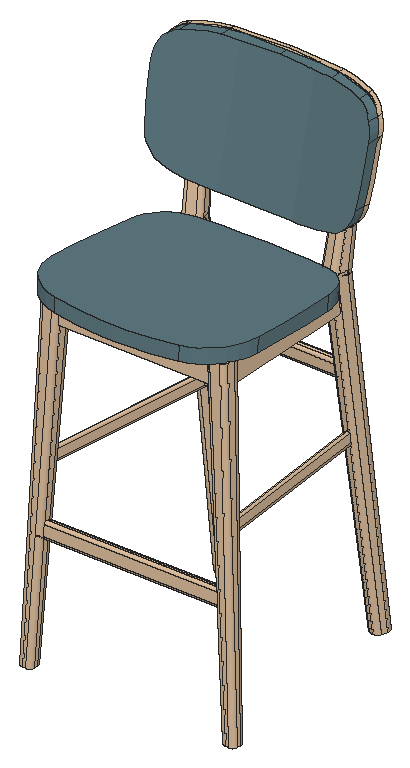
Revit family "FU_Stool_Sandler_Celina 4-13", category Furniture, Revit 2020
Family settings
  OmniClass Number = 23.40.20.00
  OmniClass Title = General Furniture and Specialties
  Work Plane-Based = No
  Always vertical = Yes
  Cut with Voids When Loaded = No
  Shared = No
  Room Calculation Point = No
Parameters (values of type "Celina 4.13")
  Width = 475 mm
  Upholstery = Fabric - Mainline Flax - Pimlico MLF34
  URL = "https://www.sandlerseating.com/product/celina-4-13/"
  Model = "Celina 4.13"
  Manufacturer = "Sandler"
  Height = 1090 mm
  Frame = Wood - Beech - Cherry Wood - V
  Description = "Counter stool with a upholstered seat and back panel. The frame is in solid beech."
  Depth = 550 mm
  Default Elevation = 0 mm
Reference planes
  plane 1 "Center (Front/Back)": y = 0
  plane 2: z = 0
  plane 3 "Center (Left/Right)": x = 0
  plane 4 "Right": x = -237.5
  plane 5 "Left": x = 237.5
  plane 6 "Back": y = 275
  plane 7 "Front": y = -275
  plane 8 "Height": z = 1090
  plane 9 "Seat height": z = 770
  plane 10 "Seat Frame Base": through (4267.2, 159.453, 701.275) normal (0, -0.0523, -0.9986)
  plane 11: through (4267.2, 256.992, 4.174) normal (0, -0.9912, -0.1325)
  plane 12: through (4267.2, 195.782, 966.959) normal (0, 0.9866, -0.1633)
  plane 13 "BRL C FRONT": x = -169.085
  plane 14 "BL H": z = 741.259
  plane 15 "Cross Stretch RIGHT": z = 402.471
Forms (mm)
  Sweep 1, solid, material "Fabric - Mainline Flax - Pimlico MLF34" <- "Upholstery"
    path origin (0, 0, 0) x (0, 1, 0) y (0, 0, 1)
      loop
        line (154.569, 770) -> (234.758, 1108.042)
    profile "Pro_celina_Back_UPH : Pro_celina_Back_UPH" origin (0, 194.663, 939.021) x (0, -0.972998, 0.230812) y (1, 0, 0)
      loop
        arc (43.165, 250) -> (3, 0) -> (43.165, -250) r 798.125
        line (43.165, -250) -> (73.165, -250)
        arc (73.165, -250) -> (33, 0) -> (73.165, 250) r 798.125
        line (73.165, 250) -> (43.165, 250)
  Extrusion 2, void
    sketch origin (0, 0, 0) x (1, 0, 0) y (0, 0, 1)
      loop
        line (0, 1090) -> (-120, 1090)
        arc (-120, 1090) -> (-157.187, 1088.102) -> (-193.987, 1082.427) r 365.188
        arc (-193.987, 1082.427) -> (-214.772, 1073.022) -> (-229.541, 1055.635) r 52.064
        arc (-229.541, 1055.635) -> (-235.86, 1038.434) -> (-237.5, 1020.182) r 70.03
        arc (-237.5, 1020.182) -> (-236.007, 959.471) -> (-231.011, 898.947) r 1050.98
        arc (-231.011, 898.947) -> (-222.49, 872.227) -> (-204.346, 850.843) r 71.485
        arc (-204.346, 850.843) -> (-187.552, 840.272) -> (-168.882, 833.545) r 92.057
        arc (-168.882, 833.545) -> (-132.35, 824.773) -> (-95.021, 820.522) r 307.517
        arc (-95.021, 820.522) -> (-47.524, 818.407) -> (0, 817.032) r 3053.671
        arc (0, 817.032) -> (47.524, 818.407) -> (95.021, 820.522) r 3053.671
        arc (95.021, 820.522) -> (132.35, 824.773) -> (168.882, 833.545) r 307.517
        arc (168.882, 833.545) -> (187.552, 840.272) -> (204.346, 850.843) r 92.057
        arc (204.346, 850.843) -> (222.49, 872.227) -> (231.011, 898.947) r 71.485
        arc (231.011, 898.947) -> (236.007, 959.471) -> (237.5, 1020.182) r 1050.98
        arc (237.5, 1020.182) -> (235.86, 1038.434) -> (229.541, 1055.635) r 70.03
        arc (229.541, 1055.635) -> (214.772, 1073.022) -> (193.987, 1082.427) r 52.064
        arc (193.987, 1082.427) -> (157.187, 1088.102) -> (120, 1090) r 365.188
        line (120, 1090) -> (0, 1090)
      loop
        line (-260, 1133.116) -> (-260, 753.116) -> (260, 753.116) -> (260, 1133.116) -> (-260, 1133.116)
    from -246.089 to -79.753
  Extrusion 3, solid, material "Wood - Beech - Cherry Wood - V" <- "Frame"
    sketch origin (0, 37.088, 707.688) x (0, 0.99863, -0.052336) y (1, 0, 0)
      loop
        line (-206.882, 168.434) -> (113.974, 140.363) -> (116.413, 168.234) -> (-204.444, 196.305) -> (-206.882, 168.434)
    from -7 to 40
  Extrusion 4, solid, material "Wood - Beech - Cherry Wood - V" <- "Frame"
    sketch origin (0, 37.088, 707.688) x (0, 0.99863, -0.052336) y (1, 0, 0)
      loop
        line (-206.882, -168.434) -> (-204.444, -196.305) -> (116.413, -168.234) -> (113.974, -140.363) -> (-206.882, -168.434)
    from -7 to 40
  Extrusion 5, solid, material "Wood - Beech - Cherry Wood - V" <- "Frame"
    sketch origin (0, 0, 0) x (1, 0, 0) y (0, 0, 1)
      loop
        spline (0, 722.98) -> (-13.573, 723.047) -> (-27.153, 723.18) -> (-40.733, 723.381) -> (-54.308, 723.648) -> (-67.871, 723.981) -> (-81.416, 724.382) -> (-94.937, 724.848) -> (-108.428, 725.381) -> (-121.883, 725.979) -> (-135.296, 726.643) -> (-148.659, 727.372) -> (-161.969, 728.166)
        line (-161.969, 728.166) -> (-164.929, 677.955) -> (164.929, 677.955) -> (161.969, 728.156)
        spline (161.969, 728.156) -> (148.66, 727.367) -> (135.296, 726.643) -> (121.883, 725.982) -> (108.429, 725.387) -> (94.937, 724.856) -> (81.416, 724.391) -> (67.871, 723.991) -> (54.308, 723.657) -> (40.733, 723.389) -> (27.152, 723.187) -> (13.573, 723.05) -> (0, 722.98)
    from 173.5 to 201.5
  Blend 6, solid, material "Wood - Beech - Cherry Wood - V" <- "Frame"
    base sketch origin (0, 0, 0) x (1, 0, 0) y (0, 1, 0)
      loop
        arc (-224.698, -192.341) -> (-232.122, -195.416) -> (-235.198, -202.841) r 10.5
        line (-235.198, -202.841) -> (-235.198, -210.841)
        arc (-235.198, -210.841) -> (-232.122, -218.265) -> (-224.698, -221.341) r 10.5
        line (-224.698, -221.341) -> (-216.698, -221.341)
        arc (-216.698, -221.341) -> (-209.273, -218.265) -> (-206.198, -210.841) r 10.5
        line (-206.198, -210.841) -> (-206.198, -202.841)
        arc (-206.198, -202.841) -> (-209.273, -195.416) -> (-216.698, -192.341) r 10.5
        line (-216.698, -192.341) -> (-224.698, -192.341)
    top sketch origin (0, 0, 0) x (1, 0, 0) y (0, 1, 0)
      loop
        arc (-190.863, -165.163) -> (-197.934, -168.092) -> (-200.863, -175.163) r 10
        line (-200.863, -175.163) -> (-200.863, -195.903)
        arc (-200.863, -195.903) -> (-197.934, -202.974) -> (-190.863, -205.903) r 10
        line (-190.863, -205.903) -> (-170.215, -205.903)
        arc (-170.215, -205.903) -> (-163.144, -202.974) -> (-160.215, -195.903) r 10
        line (-160.215, -195.903) -> (-160.215, -175.163)
        arc (-160.215, -175.163) -> (-163.144, -168.092) -> (-170.215, -165.163) r 10
        line (-170.215, -165.163) -> (-190.863, -165.163)
    from 0 to 728.156
  Blend 7, solid, material "Wood - Beech - Cherry Wood - V" <- "Frame"
    base sketch origin (0, 0, 0) x (-1, 0, 0) y (0, -1, 0)
      loop
        line (-224.698, 192.341) -> (-216.698, 192.341)
        arc (-216.698, 192.341) -> (-209.273, 195.416) -> (-206.198, 202.841) r 10.5
        line (-206.198, 202.841) -> (-206.198, 210.841)
        arc (-206.198, 210.841) -> (-209.273, 218.265) -> (-216.698, 221.341) r 10.5
        line (-216.698, 221.341) -> (-224.698, 221.341)
        arc (-224.698, 221.341) -> (-232.122, 218.265) -> (-235.198, 210.841) r 10.5
        line (-235.198, 210.841) -> (-235.198, 202.841)
        arc (-235.198, 202.841) -> (-232.122, 195.416) -> (-224.698, 192.341) r 10.5
    top sketch origin (0, 0, 0) x (-1, 0, 0) y (0, -1, 0)
      loop
        line (-190.863, 165.163) -> (-170.215, 165.163)
        arc (-170.215, 165.163) -> (-163.144, 168.092) -> (-160.215, 175.163) r 10
        line (-160.215, 175.163) -> (-160.215, 195.903)
        arc (-160.215, 195.903) -> (-163.144, 202.974) -> (-170.215, 205.903) r 10
        line (-170.215, 205.903) -> (-190.863, 205.903)
        arc (-190.863, 205.903) -> (-197.934, 202.974) -> (-200.863, 195.903) r 10
        line (-200.863, 195.903) -> (-200.863, 175.163)
        arc (-200.863, 175.163) -> (-197.934, 168.092) -> (-190.863, 165.163) r 10
    from 0 to 728.156
  SweptBlend 8, solid, material "Wood - Beech - Cherry Wood - V" <- "Frame"
    path origin (-169.085, 0, 0) x (0, 0, -1) y (0, -1, 0)
      loop
        line (3.053, -257.958) -> (-743.383, -158.146)
    profile origin (-169.085, 257.958, -3.053) x (0, 0.991178, 0.13254) y (-1, 0, 0)
      loop
        arc (-9.924, 12.667) -> (-16.974, 7.397) -> (-18.232, -1.314) r 11.5
        line (-18.232, -1.314) -> (-16.697, -7.348)
        arc (-16.697, -7.348) -> (-11.427, -14.398) -> (-2.715, -15.656) r 11.5
        line (-2.715, -15.656) -> (8.773, -12.732)
        arc (8.773, -12.732) -> (15.822, -7.462) -> (17.081, 1.249) r 11.5
        line (17.081, 1.249) -> (15.545, 7.283)
        arc (15.545, 7.283) -> (10.275, 14.332) -> (1.564, 15.591) r 11.5
        line (1.564, 15.591) -> (-9.924, 12.667)
    end profile origin (-169.085, 158.146, 743.383) x (0, 0.991178, 0.13254) y (-1, 0, 0)
      loop
        line (4.626, 6.197) -> (-15.096, 0.888)
        arc (-15.096, 0.888) -> (-21.466, -4.012) -> (-22.505, -11.981) r 10.5
        line (-22.505, -11.981) -> (-17.36, -31.092)
        arc (-17.36, -31.092) -> (-12.46, -37.462) -> (-4.491, -38.501) r 10.5
        line (-4.491, -38.501) -> (15.23, -33.192)
        arc (15.23, -33.192) -> (21.6, -28.292) -> (22.639, -20.323) r 10.5
        line (22.639, -20.323) -> (17.494, -1.212)
        arc (17.494, -1.212) -> (12.594, 5.158) -> (4.626, 6.197) r 10.5
  SweptBlend 9, solid, material "Wood - Beech - Cherry Wood - V" <- "Frame"
    path origin (-169.085, 0, 0) x (0, 0, -1) y (0, -1, 0)
      loop
        line (-736.013, -157.561) -> (-975.754, -197.237)
    profile origin (-169.085, 157.561, 736.013) x (0, 0.986581, -0.163275) y (-1, 0, 0)
      loop
        line (5.456, 6.197) -> (-14.265, 0.888)
        arc (-14.265, 0.888) -> (-20.635, -4.012) -> (-21.675, -11.981) r 10.5
        line (-21.675, -11.981) -> (-16.53, -31.092)
        arc (-16.53, -31.092) -> (-11.63, -37.462) -> (-3.661, -38.501) r 10.5
        line (-3.661, -38.501) -> (16.06, -33.192)
        arc (16.06, -33.192) -> (22.43, -28.292) -> (23.47, -20.323) r 10.5
        line (23.47, -20.323) -> (18.325, -1.212)
        arc (18.325, -1.212) -> (13.425, 5.158) -> (5.456, 6.197) r 10.5
    end profile origin (-169.085, 197.237, 975.754) x (0, 0.986581, -0.163275) y (-1, 0, 0)
      loop
        arc (10.443, 5.767) -> (6.259, 11.239) -> (-0.569, 12.149) r 9
        line (-0.569, 12.149) -> (-11.406, 9.265)
        arc (-11.406, 9.265) -> (-16.88, 5.078) -> (-17.791, -1.753) r 9.005
        line (-17.791, -1.753) -> (-13.32, -18.551)
        arc (-13.32, -18.551) -> (-9.135, -24.023) -> (-2.307, -24.933) r 9
        line (-2.307, -24.933) -> (8.534, -22.047)
        arc (8.534, -22.047) -> (14.005, -17.863) -> (14.916, -11.035) r 9
        line (14.916, -11.035) -> (10.443, 5.767)
  SweptBlend 10, solid, material "Wood - Beech - Cherry Wood - V" <- "Frame"
    path origin (169.085, 0, 0) x (0, 0, -1) y (0, 1, 0)
      loop
        line (3.053, 257.958) -> (-743.383, 158.146)
    profile origin (169.085, 257.958, -3.053) x (0, -0.991178, -0.13254) y (1, 0, 0)
      loop
        line (9.924, 12.667) -> (-1.564, 15.591)
        arc (-1.564, 15.591) -> (-10.275, 14.332) -> (-15.545, 7.283) r 11.5
        line (-15.545, 7.283) -> (-17.081, 1.249)
        arc (-17.081, 1.249) -> (-15.822, -7.462) -> (-8.773, -12.732) r 11.5
        line (-8.773, -12.732) -> (2.715, -15.656)
        arc (2.715, -15.656) -> (11.427, -14.398) -> (16.697, -7.348) r 11.5
        line (16.697, -7.348) -> (18.232, -1.314)
        arc (18.232, -1.314) -> (16.974, 7.397) -> (9.924, 12.667) r 11.5
    end profile origin (169.085, 158.146, 743.383) x (0, -0.991178, -0.13254) y (1, 0, 0)
      loop
        arc (-4.626, 6.197) -> (-12.594, 5.158) -> (-17.494, -1.212) r 10.5
        line (-17.494, -1.212) -> (-22.639, -20.323)
        arc (-22.639, -20.323) -> (-21.6, -28.292) -> (-15.23, -33.192) r 10.5
        line (-15.23, -33.192) -> (4.491, -38.501)
        arc (4.491, -38.501) -> (12.46, -37.462) -> (17.36, -31.092) r 10.5
        line (17.36, -31.092) -> (22.505, -11.981)
        arc (22.505, -11.981) -> (21.466, -4.012) -> (15.096, 0.888) r 10.5
        line (15.096, 0.888) -> (-4.626, 6.197)
  SweptBlend 11, solid, material "Wood - Beech - Cherry Wood - V" <- "Frame"
    path origin (169.085, 0, 0) x (0, 0, -1) y (0, 1, 0)
      loop
        line (-736.013, 157.561) -> (-975.754, 197.237)
    profile origin (169.085, 157.561, 736.013) x (0, -0.986581, 0.163275) y (1, 0, 0)
      loop
        arc (-5.456, 6.197) -> (-13.425, 5.158) -> (-18.325, -1.212) r 10.5
        line (-18.325, -1.212) -> (-23.47, -20.323)
        arc (-23.47, -20.323) -> (-22.43, -28.292) -> (-16.06, -33.192) r 10.5
        line (-16.06, -33.192) -> (3.661, -38.501)
        arc (3.661, -38.501) -> (11.63, -37.462) -> (16.53, -31.092) r 10.5
        line (16.53, -31.092) -> (21.675, -11.981)
        arc (21.675, -11.981) -> (20.635, -4.012) -> (14.265, 0.888) r 10.5
        line (14.265, 0.888) -> (-5.456, 6.197)
    end profile origin (169.085, 197.237, 975.754) x (0, -0.986581, 0.163275) y (1, 0, 0)
      loop
        line (-10.443, 5.767) -> (-14.916, -11.035)
        arc (-14.916, -11.035) -> (-14.005, -17.863) -> (-8.534, -22.047) r 9
        line (-8.534, -22.047) -> (2.307, -24.933)
        arc (2.307, -24.933) -> (9.135, -24.023) -> (13.32, -18.551) r 9
        line (13.32, -18.551) -> (17.791, -1.753)
        arc (17.791, -1.753) -> (16.88, 5.078) -> (11.406, 9.265) r 9.005
        line (11.406, 9.265) -> (0.569, 12.149)
        arc (0.569, 12.149) -> (-6.259, 11.239) -> (-10.443, 5.767) r 9
  Extrusion 12, void
    sketch origin (0, 0, 0) x (1, 0, 0) y (0, 1, 0)
      loop
        line (-200.713, 290.36) -> (-200.713, 230.36) -> (-140.713, 230.36) -> (-140.713, 290.36) -> (-200.713, 290.36)
    from 0 to -10
  Extrusion 13, void
    sketch origin (0, 0, 0) x (-1, 0, 0) y (0, -1, 0)
      loop
        line (-200.713, -290.36) -> (-140.713, -290.36) -> (-140.713, -230.36) -> (-200.713, -230.36) -> (-200.713, -290.36)
    from 0 to -10
  Extrusion 14, solid, material "Wood - Beech - Cherry Wood - V" <- "Frame"
    sketch origin (0, 0, 0) x (0, 1, 0) y (0, 0, 1)
      loop
        arc (-209.827, 259.938) -> (-208.115, 255.614) -> (-203.828, 253.811) r 6
        line (-203.828, 253.811) -> (-197.594, 253.811)
        arc (-197.594, 253.811) -> (-193.396, 255.524) -> (-191.595, 259.685) r 6
        line (-191.595, 259.685) -> (-191.084, 283.964)
        arc (-191.084, 283.964) -> (-192.795, 288.288) -> (-197.082, 290.09) r 6
        line (-197.082, 290.09) -> (-203.3, 290.09)
        arc (-203.3, 290.09) -> (-207.51, 288.372) -> (-209.316, 284.2) r 6.017
        line (-209.316, 284.2) -> (-209.827, 259.938)
    from -204 to 204
  Extrusion 15, solid, material "Wood - Beech - Cherry Wood - V" <- "Frame"
    sketch origin (0, 384.812, 261.678) x (0, 1, 0) y (0, 0, 1)
      loop
        arc (-209.597, 258.954) -> (-207.212, 254.962) -> (-202.691, 253.872) r 6
        line (-202.691, 253.872) -> (-196.538, 254.875)
        arc (-196.538, 254.875) -> (-192.67, 257.241) -> (-191.562, 261.637) r 6
        line (-191.562, 261.637) -> (-194.961, 285.681)
        arc (-194.961, 285.681) -> (-197.346, 289.674) -> (-201.867, 290.763) r 6
        line (-201.867, 290.763) -> (-208.004, 289.763)
        arc (-208.004, 289.763) -> (-211.882, 287.391) -> (-212.994, 282.982) r 6.017
        line (-212.994, 282.982) -> (-209.597, 258.954)
    from -170 to 170
  Blend 16, solid, material "Wood - Beech - Cherry Wood - V" <- "Frame"
    base sketch origin (0, 0, 0) x (1, 0, 0) y (0, 0, 1)
      loop
        arc (-204.013, 392.248) -> (-202.593, 388.608) -> (-199.015, 387.042) r 5.1
        arc (-199.015, 387.042) -> (-195.511, 388.532) -> (-194.016, 392.033) r 5.1
        line (-194.016, 392.033) -> (-193.599, 411.833)
        arc (-193.599, 411.833) -> (-195.016, 415.47) -> (-198.591, 417.039) r 5.1
        arc (-198.591, 417.039) -> (-202.1, 415.543) -> (-203.597, 412.034) r 5.114
        line (-203.597, 412.034) -> (-204.013, 392.248)
    top sketch origin (0, 0, 0) x (1, 0, 0) y (0, 0, 1)
      loop
        arc (-162.73, 392.248) -> (-161.31, 388.608) -> (-157.731, 387.042) r 5.1
        arc (-157.731, 387.042) -> (-154.227, 388.532) -> (-152.732, 392.033) r 5.1
        line (-152.732, 392.033) -> (-152.315, 411.833)
        arc (-152.315, 411.833) -> (-153.733, 415.47) -> (-157.307, 417.039) r 5.1
        arc (-157.307, 417.039) -> (-160.816, 415.543) -> (-162.313, 412.034) r 5.114
        line (-162.313, 412.034) -> (-162.73, 392.248)
    from 185 to -223.991
  Blend 17, solid, material "Wood - Beech - Cherry Wood - V" <- "Frame"
    base sketch origin (0, 0, 0) x (-1, 0, 0) y (0, 0, -1)
      loop
        line (-204.013, -392.248) -> (-203.597, -412.034)
        arc (-203.597, -412.034) -> (-202.1, -415.543) -> (-198.591, -417.039) r 5.114
        arc (-198.591, -417.039) -> (-195.016, -415.47) -> (-193.599, -411.833) r 5.1
        line (-193.599, -411.833) -> (-194.016, -392.033)
        arc (-194.016, -392.033) -> (-195.511, -388.532) -> (-199.015, -387.042) r 5.1
        arc (-199.015, -387.042) -> (-202.593, -388.608) -> (-204.013, -392.248) r 5.1
    top sketch origin (0, 0, 0) x (-1, 0, 0) y (0, 0, -1)
      loop
        line (-162.73, -392.248) -> (-162.313, -412.034)
        arc (-162.313, -412.034) -> (-160.816, -415.543) -> (-157.307, -417.039) r 5.114
        arc (-157.307, -417.039) -> (-153.733, -415.47) -> (-152.315, -411.833) r 5.1
        line (-152.315, -411.833) -> (-152.732, -392.033)
        arc (-152.732, -392.033) -> (-154.227, -388.532) -> (-157.731, -387.042) r 5.1
        arc (-157.731, -387.042) -> (-161.31, -388.608) -> (-162.73, -392.248) r 5.1
    from 185 to -195
  Extrusion 18, void
    sketch origin (0, -1.247, 716.188) x (-1, 0, 0) y (0, -0.99863, 0.052336)
      loop
        arc (214.558, -57.177) -> (221.795, 42.482) -> (224.696, 142.362) r 2299.665
        arc (224.696, 142.362) -> (199.156, 211.771) -> (134.193, 247.125) r 105
        arc (134.193, 247.125) -> (0, 256.431) -> (-134.193, 247.125) r 972.123
        arc (-134.193, 247.125) -> (-199.156, 211.771) -> (-224.696, 142.362) r 105
        arc (-224.696, 142.362) -> (-221.795, 42.482) -> (-214.558, -57.177) r 2299.665
        arc (-214.558, -57.177) -> (-192.741, -114.92) -> (-140.647, -148.032) r 97.621
        arc (-140.647, -148.032) -> (0, -160.406) -> (140.647, -148.032) r 805.516
        arc (140.647, -148.032) -> (192.741, -114.92) -> (214.558, -57.177) r 97.621
      loop
        line (248.521, -200.925) -> (248.521, 289.075) -> (-251.479, 289.075) -> (-251.479, -200.925) -> (248.521, -200.925)
    from 47.032 to -5.681
  Sweep 19, solid, material "Fabric - Mainline Flax - Pimlico MLF34" <- "Upholstery"
    path origin (0, -1.247, 716.188) x (-1, 0, 0) y (0, -0.99863, 0.052336)
      loop
        line (0, 274.741) -> (0, -195.259)
    profile "Pro_celina_Seat_UPH : Pro_celina_Seat_UPH" origin (0, -40.934, 718.268) x (-1, 0, 0) y (0, 0.052336, 0.99863)
      loop
        arc (-226.228, 11.375) -> (0, 0) -> (226.228, 11.375) r 2255.339
        line (226.228, 11.375) -> (226.228, 41.375)
        arc (226.228, 41.375) -> (0, 30) -> (-226.228, 41.375) r 2255.339
        line (-226.228, 41.375) -> (-226.228, 11.375)
  Sweep 20, solid, material "Wood - Beech - Cherry Wood - V" <- "Frame"
    path origin (0, 0, 0) x (0, 1, 0) y (0, 0, 1)
      loop
        line (154.569, 770) -> (234.758, 1108.042)
    profile "Pro_celina_Back : Pro_celina_Back" origin (0, 194.663, 939.021) x (0, -0.972998, 0.230812) y (1, 0, 0)
      loop
        arc (50.165, -250) -> (10, 0) -> (50.165, 250) r 798.119
        line (50.165, 250) -> (40.165, 250)
        arc (40.165, 250) -> (0, 0) -> (40.165, -250) r 798.125
        line (40.165, -250) -> (50.165, -250)
  Extrusion 21, void
    sketch origin (0, 0, 0) x (1, 0, 0) y (0, 0, 1)
      loop
        line (0, 1088.75) -> (-120.05, 1088.75)
        arc (-120.05, 1088.75) -> (-156.865, 1086.871) -> (-193.297, 1081.252) r 361.536
        arc (-193.297, 1081.252) -> (-213.874, 1071.942) -> (-228.495, 1054.729) r 51.543
        arc (-228.495, 1054.729) -> (-234.751, 1037.699) -> (-236.375, 1019.63) r 69.33
        arc (-236.375, 1019.63) -> (-234.897, 959.526) -> (-229.951, 899.607) r 1040.47
        arc (-229.951, 899.607) -> (-221.515, 873.155) -> (-203.553, 851.984) r 70.77
        arc (-203.553, 851.984) -> (-186.926, 841.519) -> (-168.443, 834.86) r 91.136
        arc (-168.443, 834.86) -> (-132.277, 826.176) -> (-95.321, 821.967) r 304.441
        arc (-95.321, 821.967) -> (-47.987, 819.861) -> (-0.625, 818.498) r 3023.134
        arc (-0.625, 818.498) -> (46.737, 819.861) -> (94.071, 821.967) r 3023.134
        arc (94.071, 821.967) -> (129.37, 825.888) -> (163.972, 833.894) r 304.441
        arc (163.972, 833.894) -> (184.858, 840.542) -> (203.553, 851.984) r 91.136
        arc (203.553, 851.984) -> (221.515, 873.155) -> (229.951, 899.607) r 70.77
        arc (229.951, 899.607) -> (234.897, 959.526) -> (236.375, 1019.63) r 1040.47
        arc (236.375, 1019.63) -> (234.751, 1037.699) -> (228.495, 1054.729) r 69.33
        arc (228.495, 1054.729) -> (213.874, 1071.942) -> (193.297, 1081.252) r 51.543
        arc (193.297, 1081.252) -> (156.865, 1086.871) -> (120.05, 1088.75) r 361.536
        line (120.05, 1088.75) -> (0, 1088.75)
      loop
        line (-260, 1133.116) -> (-260, 753.116) -> (260, 753.116) -> (260, 1133.116) -> (-260, 1133.116)
    from -243.662 to -78.832
Cuts and joins
  Extrusion 12, Extrusion 13 cuts SweptBlend 8
  Extrusion 13 cuts SweptBlend 10
  Extrusion 18 cuts Sweep 19
  Extrusion 21 cuts Sweep 1
  Extrusion 2 cuts Sweep 20
Dimensions and locks
  equal spacing: plane 4 "Right", plane 3 "Center (Left/Right)", plane 5 "Left"
  "Width": plane 4 "Right" to plane 5 "Left"
  equal spacing: plane 6 "Back", plane 1 "Center (Front/Back)", plane 7 "Front"
  "Depth": plane 6 "Back" to plane 7 "Front"
  "Height": plane 8 "Height" to level
  plane 9 "Seat height" to level = 770 mm
  aligned and locked: level to plane 2
Automatic sketch dimensions
  Sweep 1 sketch curve to plane 9 "Seat height" = 0 mm
  Sweep 1 sketch curve to plane 6 "Back" = 120.431 mm
  plane 8 "Height" to Sweep 1 sketch curve = 18.042 mm
  Sweep 1 sketch curve to plane 6 "Back" = 40.242 mm
  plane 4 "Right" to Extrusion 2 sketch curve = 0 mm
  Extrusion 2 sketch curve to plane 8 "Height" = 0 mm
  Extrusion 2 sketch curve to plane 3 "Center (Left/Right)" = 0 mm  (x2)
  plane 5 "Left" to Extrusion 2 sketch curve = 0 mm
  plane 4 "Right" to Extrusion 2 sketch curve = 22.5 mm
  Extrusion 2 sketch curve to plane 8 "Height" = 74.355 mm  (x2)
  Extrusion 2 sketch curve to Extrusion 2 sketch curve = 553.47 mm  (x2)
  plane 13 "BRL C FRONT" to Extrusion 2 sketch curve = 14.354 mm
  Extrusion 2 sketch curve to plane 13 "BRL C FRONT" = 1.555 mm
  Extrusion 2 sketch curve to plane 13 "BRL C FRONT" = 9.117 mm
  Extrusion 2 sketch curve to Extrusion 2 sketch curve = 12.771 mm  (x2)
  Extrusion 2 sketch curve to plane 14 "BL H" = 16.447 mm  (x2)
  Extrusion 2 sketch curve to plane 13 "BRL C FRONT" = 49.085 mm
  Extrusion 2 sketch curve to Extrusion 2 sketch curve = 41.05 mm
  Extrusion 2 sketch curve to plane 3 "Center (Left/Right)" = 64.564 mm
  plane 3 "Center (Left/Right)" to Extrusion 2 sketch curve = 64.564 mm
  plane 8 "Height" to Extrusion 2 sketch curve = 37.618 mm  (x2)
  plane 3 "Center (Left/Right)" to Extrusion 2 sketch curve = 78.95 mm
  plane 5 "Left" to Extrusion 2 sketch curve = 117.5 mm
  plane 5 "Left" to Extrusion 2 sketch curve = 90.303 mm
  plane 5 "Left" to Extrusion 2 sketch curve = 69.97 mm
  Extrusion 2 sketch curve to Extrusion 2 sketch curve = 15.909 mm
  Extrusion 2 sketch curve to plane 5 "Left" = 22.5 mm
  plane 14 "BL H" to Extrusion 2 sketch curve = 11.857 mm
  plane 9 "Seat height" to Extrusion 2 sketch curve = 136.884 mm  (x2)
  Extrusion 2 sketch curve to Extrusion 2 sketch curve = 16.127 mm  (x2)
  Extrusion 2 sketch curve to plane 8 "Height" = 66.906 mm  (x2)
  Extrusion 2 sketch curve to Extrusion 2 sketch curve = 8.349 mm  (x2)
  plane 8 "Height" to Extrusion 2 sketch curve = 43.116 mm
  Extrusion 2 sketch curve to Extrusion 2 sketch curve = 2742.401 mm
  Extrusion 2 sketch curve to Extrusion 2 sketch curve = 0 mm  (x9)
  Extrusion 2 sketch curve to Extrusion 2 sketch curve = 71.043 mm
  Extrusion 2 sketch curve to plane 13 "BRL C FRONT" = 0.203 mm
  plane 9 "Seat height" to Extrusion 2 sketch curve = 63.545 mm
  plane 5 "Left" to Extrusion 3 sketch curve = 69.066 mm
  plane 5 "Left" to Extrusion 3 sketch curve = 41.195 mm
  Extrusion 3 sketch curve to Extrusion 3 sketch curve = 2.438 mm
  plane 5 "Left" to Extrusion 3 sketch curve = 97.137 mm
  plane 13 "BRL C FRONT" to Extrusion 4 sketch curve = 0.651 mm
  Extrusion 4 sketch curve to plane 13 "BRL C FRONT" = 27.22 mm
  Extrusion 4 sketch curve to Extrusion 4 sketch curve = 2.438 mm
  plane 13 "BRL C FRONT" to Extrusion 4 sketch curve = 28.722 mm
  Extrusion 5 sketch curve to plane 13 "BRL C FRONT" = 4.156 mm
  Extrusion 5 sketch curve to plane 13 "BRL C FRONT" = 7.116 mm
  Extrusion 5 sketch curve to plane 14 "BL H" = 13.103 mm
  plane 5 "Left" to Extrusion 5 sketch curve = 75.531 mm
  Extrusion 5 sketch curve to Extrusion 5 sketch curve = 2.96 mm
  Extrusion 5 sketch curve to Extrusion 5 sketch curve = 50.201 mm
  Extrusion 5 sketch curve to Extrusion 5 sketch curve = 50.211 mm
  Extrusion 5 sketch curve to plane 3 "Center (Left/Right)" = 28.551 mm
  Extrusion 5 sketch curve to plane 3 "Center (Left/Right)" = 0 mm
  plane 3 "Center (Left/Right)" to Extrusion 5 sketch curve = 28.575 mm
  plane 9 "Seat height" to Extrusion 5 sketch curve = 91.627 mm
  Extrusion 5 sketch curve to plane 5 "Left" = 370.996 mm
  Extrusion 5 sketch curve to Extrusion 5 sketch curve = 57.126 mm
  Blend 6 sketch curve to plane 4 "Right" = 2.302 mm
  Blend 6 sketch curve to plane 4 "Right" = 12.802 mm
  Blend 6 sketch curve to Blend 6 sketch curve = 0 mm
  Blend 6 sketch curve to Blend 6 sketch curve = 8 mm  (x3)
  Blend 6 sketch curve to Blend 6 sketch curve = 10.5 mm
  plane 7 "Front" to Blend 6 sketch curve = 53.659 mm
  plane 13 "BRL C FRONT" to Blend 6 sketch curve = 31.778 mm
  Blend 6 sketch curve to Blend 6 sketch curve = 10 mm  (x2)
  plane 13 "BRL C FRONT" to Blend 6 sketch curve = 1.13 mm  (x2)
  Blend 6 sketch curve to plane 13 "BRL C FRONT" = 8.87 mm
  plane 7 "Front" to Blend 6 sketch curve = 69.097 mm
  Blend 6 sketch curve to Blend 6 sketch curve = 20.739 mm
  Blend 7 sketch curve to plane 5 "Left" = 2.302 mm
  Blend 7 sketch curve to plane 5 "Left" = 12.802 mm
  Blend 7 sketch curve to Blend 7 sketch curve = 0 mm
  Blend 7 sketch curve to Blend 7 sketch curve = 8 mm  (x3)
  Blend 7 sketch curve to Blend 7 sketch curve = 10.5 mm
  Blend 7 sketch curve to plane 7 "Front" = 53.659 mm
  Blend 7 sketch curve to plane 5 "Left" = 36.637 mm
  Blend 7 sketch curve to Blend 7 sketch curve = 10 mm  (x3)
  Blend 7 sketch curve to Blend 7 sketch curve = 20.648 mm  (x2)
  Blend 7 sketch curve to plane 7 "Front" = 69.097 mm
  Blend 7 sketch curve to Blend 7 sketch curve = 20.739 mm
  plane 11 to SweptBlend 8 sketch curve = 0 mm  (x2)
  plane 14 "BL H" to SweptBlend 8 sketch curve = 2.124 mm
  SweptBlend 8 sketch curve to level = 3.053 mm
  SweptBlend 8 sketch curve to plane 13 "BRL C FRONT" = 1.314 mm
  profile plane to SweptBlend 8 sketch curve = 18.232 mm
  SweptBlend 8 sketch curve to plane 13 "BRL C FRONT" = 7.348 mm
  SweptBlend 8 sketch curve to SweptBlend 8 sketch curve = 1.536 mm  (x2)
  profile plane to SweptBlend 8 sketch curve = 9.924 mm
  plane 13 "BRL C FRONT" to SweptBlend 8 sketch curve = 1.522 mm
  profile plane to SweptBlend 8 sketch curve = 7.088 mm
  profile plane to SweptBlend 8 sketch curve = 5.552 mm
  profile plane to SweptBlend 8 sketch curve = 2.715 mm
  SweptBlend 8 sketch curve to profile plane = 1.564 mm
  SweptBlend 8 sketch curve to profile plane = 4.4 mm
  SweptBlend 8 sketch curve to plane 13 "BRL C FRONT" = 1.587 mm
  SweptBlend 8 sketch curve to profile plane = 5.936 mm
  SweptBlend 8 sketch curve to profile plane = 8.773 mm
  plane 13 "BRL C FRONT" to SweptBlend 8 sketch curve = 7.283 mm
  SweptBlend 8 sketch curve to SweptBlend 8 sketch curve = 11.145 mm
  plane 13 "BRL C FRONT" to SweptBlend 8 sketch curve = 1.249 mm
  SweptBlend 8 sketch curve to SweptBlend 8 sketch curve = 2.924 mm
  plane 13 "BRL C FRONT" to SweptBlend 8 sketch curve = 4.446 mm
  profile plane to SweptBlend 8 sketch curve = 22.505 mm
  profile plane to SweptBlend 8 sketch curve = 17.36 mm
  plane 13 "BRL C FRONT" to SweptBlend 8 sketch curve = 0.888 mm
  SweptBlend 8 sketch curve to SweptBlend 8 sketch curve = 7.409 mm
  SweptBlend 8 sketch curve to plane 13 "BRL C FRONT" = 9.251 mm
  SweptBlend 8 sketch curve to SweptBlend 8 sketch curve = 2.73 mm  (x4)
  profile plane to SweptBlend 8 sketch curve = 7.221 mm
  profile plane to SweptBlend 8 sketch curve = 4.491 mm
  SweptBlend 8 sketch curve to profile plane = 4.626 mm
  SweptBlend 8 sketch curve to profile plane = 7.355 mm
  SweptBlend 8 sketch curve to profile plane = 12.5 mm
  SweptBlend 8 sketch curve to plane 13 "BRL C FRONT" = 1.212 mm
  SweptBlend 8 sketch curve to SweptBlend 8 sketch curve = 10.139 mm  (x2)
  SweptBlend 8 sketch curve to SweptBlend 8 sketch curve = 19.111 mm  (x2)
  SweptBlend 8 sketch curve to plane 13 "BRL C FRONT" = 3.942 mm
  plane 12 to SweptBlend 9 sketch curve = 0 mm  (x2)
  SweptBlend 9 sketch curve to plane 6 "Back" = 77.763 mm
  SweptBlend 9 sketch curve to plane 14 "BL H" = 5.246 mm
  profile plane to SweptBlend 9 sketch curve = 21.675 mm
  profile plane to SweptBlend 9 sketch curve = 16.53 mm
  plane 13 "BRL C FRONT" to SweptBlend 9 sketch curve = 0.888 mm
  profile plane to SweptBlend 9 sketch curve = 14.265 mm
  SweptBlend 9 sketch curve to plane 13 "BRL C FRONT" = 9.251 mm
  SweptBlend 9 sketch curve to SweptBlend 9 sketch curve = 10.139 mm  (x3)
  profile plane to SweptBlend 9 sketch curve = 6.391 mm
  profile plane to SweptBlend 9 sketch curve = 3.661 mm
  SweptBlend 9 sketch curve to profile plane = 5.456 mm
  SweptBlend 9 sketch curve to plane 13 "BRL C FRONT" = 3.942 mm
  SweptBlend 9 sketch curve to profile plane = 8.186 mm
  SweptBlend 9 sketch curve to profile plane = 13.331 mm
  SweptBlend 9 sketch curve to SweptBlend 9 sketch curve = 2.73 mm  (x3)
  SweptBlend 9 sketch curve to plane 13 "BRL C FRONT" = 1.212 mm
  SweptBlend 9 sketch curve to SweptBlend 9 sketch curve = 19.111 mm  (x2)
  SweptBlend 9 sketch curve to plane 13 "BRL C FRONT" = 1.753 mm
  profile plane to SweptBlend 9 sketch curve = 17.791 mm
  profile plane to SweptBlend 9 sketch curve = 13.32 mm
  profile plane to SweptBlend 9 sketch curve = 11.406 mm
  plane 13 "BRL C FRONT" to SweptBlend 9 sketch curve = 0.563 mm
  SweptBlend 9 sketch curve to SweptBlend 9 sketch curve = 2.316 mm
  profile plane to SweptBlend 9 sketch curve = 4.622 mm
  profile plane to SweptBlend 9 sketch curve = 2.307 mm
  profile plane to SweptBlend 9 sketch curve = 0.569 mm
  SweptBlend 9 sketch curve to profile plane = 1.746 mm
  SweptBlend 9 sketch curve to profile plane = 6.218 mm
  SweptBlend 9 sketch curve to profile plane = 8.534 mm
  plane 13 "BRL C FRONT" to SweptBlend 9 sketch curve = 5.767 mm
  SweptBlend 9 sketch curve to SweptBlend 9 sketch curve = 8.697 mm  (x2)
  SweptBlend 9 sketch curve to plane 13 "BRL C FRONT" = 11.035 mm
  SweptBlend 9 sketch curve to SweptBlend 9 sketch curve = 2.315 mm  (x2)
  SweptBlend 9 sketch curve to SweptBlend 9 sketch curve = 2.886 mm
  plane 13 "BRL C FRONT" to SweptBlend 9 sketch curve = 3.452 mm
  SweptBlend 10 sketch curve to plane 11 = 0 mm
  plane 11 to SweptBlend 10 sketch curve = 0 mm
  plane 14 "BL H" to SweptBlend 10 sketch curve = 2.124 mm
  SweptBlend 10 sketch curve to level = 3.053 mm
  profile plane to SweptBlend 10 sketch curve = 1.249 mm
  profile plane to SweptBlend 10 sketch curve = 17.081 mm
  profile plane to SweptBlend 10 sketch curve = 7.283 mm
  SweptBlend 10 sketch curve to SweptBlend 10 sketch curve = 1.536 mm  (x3)
  profile plane to SweptBlend 10 sketch curve = 8.773 mm
  SweptBlend 10 sketch curve to profile plane = 1.587 mm
  profile plane to SweptBlend 10 sketch curve = 5.936 mm
  profile plane to SweptBlend 10 sketch curve = 4.4 mm
  profile plane to SweptBlend 10 sketch curve = 1.564 mm
  SweptBlend 10 sketch curve to profile plane = 2.715 mm
  SweptBlend 10 sketch curve to profile plane = 5.552 mm
  profile plane to SweptBlend 10 sketch curve = 1.522 mm
  SweptBlend 10 sketch curve to profile plane = 9.924 mm
  SweptBlend 10 sketch curve to profile plane = 7.348 mm
  SweptBlend 10 sketch curve to SweptBlend 10 sketch curve = 11.145 mm
  SweptBlend 10 sketch curve to profile plane = 1.314 mm
  SweptBlend 10 sketch curve to SweptBlend 10 sketch curve = 2.924 mm
  profile plane to SweptBlend 10 sketch curve = 4.446 mm
  profile plane to SweptBlend 10 sketch curve = 22.639 mm
  SweptBlend 10 sketch curve to profile plane = 1.212 mm
  profile plane to SweptBlend 10 sketch curve = 17.494 mm
  SweptBlend 10 sketch curve to SweptBlend 10 sketch curve = 7.409 mm
  SweptBlend 10 sketch curve to SweptBlend 10 sketch curve = 10.139 mm  (x3)
  profile plane to SweptBlend 10 sketch curve = 7.355 mm
  profile plane to SweptBlend 10 sketch curve = 4.626 mm
  SweptBlend 10 sketch curve to profile plane = 4.491 mm
  SweptBlend 10 sketch curve to profile plane = 7.221 mm
  SweptBlend 10 sketch curve to profile plane = 12.366 mm
  profile plane to SweptBlend 10 sketch curve = 0.888 mm
  SweptBlend 10 sketch curve to SweptBlend 10 sketch curve = 2.73 mm  (x3)
  SweptBlend 10 sketch curve to profile plane = 11.981 mm
  SweptBlend 10 sketch curve to SweptBlend 10 sketch curve = 19.111 mm  (x2)
  SweptBlend 10 sketch curve to profile plane = 3.942 mm
  plane 12 to SweptBlend 11 sketch curve = 0 mm
  SweptBlend 11 sketch curve to plane 12 = 0 mm
  SweptBlend 11 sketch curve to plane 6 "Back" = 77.763 mm
  SweptBlend 11 sketch curve to plane 14 "BL H" = 5.246 mm
  profile plane to SweptBlend 11 sketch curve = 23.47 mm
  SweptBlend 11 sketch curve to profile plane = 1.212 mm
  profile plane to SweptBlend 11 sketch curve = 18.325 mm
  SweptBlend 11 sketch curve to SweptBlend 11 sketch curve = 7.409 mm
  SweptBlend 11 sketch curve to SweptBlend 11 sketch curve = 10.139 mm  (x3)
  SweptBlend 11 sketch curve to profile plane = 3.942 mm
  profile plane to SweptBlend 11 sketch curve = 8.186 mm
  profile plane to SweptBlend 11 sketch curve = 5.456 mm
  SweptBlend 11 sketch curve to profile plane = 3.661 mm
  SweptBlend 11 sketch curve to profile plane = 6.391 mm
  SweptBlend 11 sketch curve to profile plane = 11.536 mm
  profile plane to SweptBlend 11 sketch curve = 0.888 mm
  SweptBlend 11 sketch curve to SweptBlend 11 sketch curve = 2.73 mm  (x3)
  SweptBlend 11 sketch curve to profile plane = 11.981 mm
  SweptBlend 11 sketch curve to SweptBlend 11 sketch curve = 19.111 mm  (x2)
  profile plane to SweptBlend 11 sketch curve = 14.916 mm
  profile plane to SweptBlend 11 sketch curve = 10.443 mm
  profile plane to SweptBlend 11 sketch curve = 8.534 mm
  profile plane to SweptBlend 11 sketch curve = 6.218 mm
  profile plane to SweptBlend 11 sketch curve = 1.746 mm
  SweptBlend 11 sketch curve to profile plane = 0.569 mm
  SweptBlend 11 sketch curve to profile plane = 2.307 mm
  SweptBlend 11 sketch curve to profile plane = 4.622 mm
  profile plane to SweptBlend 11 sketch curve = 0.563 mm
  SweptBlend 11 sketch curve to profile plane = 9.089 mm
  SweptBlend 11 sketch curve to SweptBlend 11 sketch curve = 2.316 mm
  SweptBlend 11 sketch curve to SweptBlend 11 sketch curve = 8.697 mm
  SweptBlend 11 sketch curve to profile plane = 1.753 mm
  SweptBlend 11 sketch curve to SweptBlend 11 sketch curve = 8.702 mm
  SweptBlend 11 sketch curve to profile plane = 11.035 mm
  SweptBlend 11 sketch curve to SweptBlend 11 sketch curve = 2.315 mm  (x2)
  SweptBlend 11 sketch curve to SweptBlend 11 sketch curve = 2.886 mm
  profile plane to SweptBlend 11 sketch curve = 3.452 mm
  profile plane to SweptBlend 11 sketch curve = 5.767 mm
  plane 13 "BRL C FRONT" to Extrusion 12 sketch curve = 31.628 mm
  Extrusion 12 sketch curve to plane 13 "BRL C FRONT" = 28.372 mm
  Extrusion 12 sketch curve to plane 6 "Back" = 44.64 mm
  plane 6 "Back" to Extrusion 12 sketch curve = 15.36 mm
  Extrusion 13 sketch curve to plane 5 "Left" = 36.787 mm
  Extrusion 13 sketch curve to Extrusion 13 sketch curve = 60 mm
  plane 6 "Back" to Extrusion 13 sketch curve = 44.64 mm
  Extrusion 13 sketch curve to plane 6 "Back" = 15.36 mm
  plane 7 "Front" to Extrusion 14 sketch curve = 65.173 mm
  Extrusion 14 sketch curve to Extrusion 14 sketch curve = 0.511 mm
  Extrusion 14 sketch curve to Extrusion 14 sketch curve = 5.999 mm  (x3)
  Extrusion 14 sketch curve to Extrusion 14 sketch curve = 6.016 mm
  Extrusion 14 sketch curve to Extrusion 14 sketch curve = 6.235 mm
  Extrusion 14 sketch curve to Extrusion 14 sketch curve = 6.218 mm
  Extrusion 14 sketch curve to plane 15 "Cross Stretch RIGHT" = 148.66 mm
  Extrusion 14 sketch curve to Extrusion 14 sketch curve = 5.874 mm
  Extrusion 14 sketch curve to Extrusion 14 sketch curve = 6 mm
  Extrusion 14 sketch curve to Extrusion 14 sketch curve = 24.278 mm
  Extrusion 14 sketch curve to Extrusion 14 sketch curve = 0.109 mm
  Extrusion 14 sketch curve to Extrusion 14 sketch curve = 0.126 mm
  Extrusion 15 sketch curve to plane 6 "Back" = 103.182 mm
  Extrusion 15 sketch curve to Extrusion 15 sketch curve = 3.397 mm
  Extrusion 15 sketch curve to Extrusion 15 sketch curve = 4.99 mm
  Extrusion 15 sketch curve to Extrusion 15 sketch curve = 5.958 mm
  Extrusion 15 sketch curve to Extrusion 15 sketch curve = 5.941 mm  (x3)
  Extrusion 15 sketch curve to Extrusion 15 sketch curve = 0.965 mm  (x3)
  Extrusion 15 sketch curve to Extrusion 15 sketch curve = 6.137 mm
  Extrusion 15 sketch curve to Extrusion 15 sketch curve = 6.153 mm
  plane 15 "Cross Stretch RIGHT" to Extrusion 15 sketch curve = 113.079 mm
  Extrusion 15 sketch curve to Extrusion 15 sketch curve = 1.003 mm
  Extrusion 15 sketch curve to Extrusion 15 sketch curve = 5.082 mm
  Extrusion 15 sketch curve to Extrusion 15 sketch curve = 5.922 mm
  Extrusion 15 sketch curve to Extrusion 15 sketch curve = 24.028 mm
  Extrusion 15 sketch curve to Extrusion 15 sketch curve = 0.842 mm
  Extrusion 15 sketch curve to Extrusion 15 sketch curve = 1.017 mm
  Extrusion 15 sketch curve to Extrusion 15 sketch curve = 0.84 mm
  Blend 16 sketch curve to plane 15 "Cross Stretch RIGHT" = 10.223 mm
  Blend 16 sketch curve to plane 4 "Right" = 33.487 mm
  plane 15 "Cross Stretch RIGHT" to Blend 16 sketch curve = 9.562 mm
  Blend 16 sketch curve to Blend 16 sketch curve = 0.417 mm
  Blend 16 sketch curve to Blend 16 sketch curve = 4.899 mm  (x6)
  Blend 16 sketch curve to Blend 16 sketch curve = 0.2 mm  (x2)
  Blend 16 sketch curve to Blend 16 sketch curve = 0.214 mm  (x2)
  Blend 16 sketch curve to plane 15 "Cross Stretch RIGHT" = 10.438 mm  (x2)
  plane 15 "Cross Stretch RIGHT" to Blend 16 sketch curve = 9.362 mm  (x2)
  Blend 16 sketch curve to Blend 16 sketch curve = 4.885 mm  (x2)
  Blend 16 sketch curve to Blend 16 sketch curve = 0.107 mm  (x3)
  Blend 16 sketch curve to Blend 16 sketch curve = 0 mm  (x2)
  Blend 16 sketch curve to Blend 16 sketch curve = 0.093 mm  (x3)
  Blend 16 sketch curve to Blend 16 sketch curve = 0.014 mm  (x2)
  Blend 16 sketch curve to plane 13 "BRL C FRONT" = 6.355 mm
  Blend 16 sketch curve to plane 13 "BRL C FRONT" = 6.772 mm
  plane 15 "Cross Stretch RIGHT" to Blend 17 sketch curve = 10.223 mm  (x2)
  Blend 17 sketch curve to plane 5 "Left" = 33.487 mm
  Blend 17 sketch curve to plane 15 "Cross Stretch RIGHT" = 9.562 mm  (x2)
  Blend 17 sketch curve to Blend 17 sketch curve = 0.417 mm  (x2)
  Blend 17 sketch curve to Blend 17 sketch curve = 4.899 mm  (x6)
  Blend 17 sketch curve to Blend 17 sketch curve = 0.2 mm  (x2)
  Blend 17 sketch curve to Blend 17 sketch curve = 0.214 mm  (x2)
  plane 15 "Cross Stretch RIGHT" to Blend 17 sketch curve = 10.438 mm  (x2)
  Blend 17 sketch curve to plane 15 "Cross Stretch RIGHT" = 9.362 mm  (x2)
  Blend 17 sketch curve to Blend 17 sketch curve = 4.885 mm  (x2)
  Blend 17 sketch curve to Blend 17 sketch curve = 0.107 mm  (x2)
  Blend 17 sketch curve to Blend 17 sketch curve = 0 mm  (x2)
  Blend 17 sketch curve to Blend 17 sketch curve = 0.093 mm  (x2)
  Blend 17 sketch curve to Blend 17 sketch curve = 0.014 mm  (x2)
  Blend 17 sketch curve to plane 5 "Left" = 74.77 mm
  Extrusion 18 sketch curve to plane 3 "Center (Left/Right)" = 0 mm  (x2)
  plane 3 "Center (Left/Right)" to Extrusion 18 sketch curve = 117.013 mm
  plane 5 "Left" to Extrusion 18 sketch curve = 117.801 mm
  Extrusion 18 sketch curve to plane 5 "Left" = 13.979 mm
  Extrusion 18 sketch curve to Extrusion 18 sketch curve = 1823.429 mm
  Extrusion 18 sketch curve to plane 13 "BRL C FRONT" = 52.072 mm
  Extrusion 18 sketch curve to plane 13 "BRL C FRONT" = 49.386 mm
  plane 4 "Right" to Extrusion 18 sketch curve = 11.021 mm
  Extrusion 18 sketch curve to Extrusion 18 sketch curve = 1826.387 mm
  Extrusion 18 sketch curve to Extrusion 18 sketch curve = 514.766 mm
  Extrusion 18 sketch curve to Extrusion 18 sketch curve = 147.61 mm  (x2)
  Extrusion 18 sketch curve to Extrusion 18 sketch curve = 196.444 mm  (x2)
  Extrusion 18 sketch curve to Extrusion 18 sketch curve = 360.104 mm  (x2)
  Extrusion 18 sketch curve to Extrusion 18 sketch curve = 145.945 mm
  Extrusion 18 sketch curve to Extrusion 18 sketch curve = 356.035 mm
  plane 5 "Left" to Extrusion 18 sketch curve = 103.307 mm
  Extrusion 18 sketch curve to Extrusion 18 sketch curve = 0 mm  (x3)
  plane 5 "Left" to Extrusion 18 sketch curve = 96.853 mm
  plane 5 "Left" to Extrusion 18 sketch curve = 22.942 mm
  Extrusion 18 sketch curve to plane 13 "BRL C FRONT" = 28.438 mm
  Extrusion 18 sketch curve to plane 4 "Right" = 22.942 mm
  Sweep 19 sketch curve to plane 3 "Center (Left/Right)" = 0 mm
  Sweep 19 sketch curve to Sweep 19 sketch curve = 470 mm
  Sweep 20 sketch curve to plane 9 "Seat height" = 0 mm
  Sweep 20 sketch curve to plane 6 "Back" = 120.431 mm
  plane 8 "Height" to Sweep 20 sketch curve = 18.042 mm
  Sweep 20 sketch curve to plane 6 "Back" = 40.242 mm
  Extrusion 21 sketch curve to plane 3 "Center (Left/Right)" = 0 mm
  Extrusion 21 sketch curve to plane 3 "Center (Left/Right)" = 0.625 mm
  Extrusion 21 sketch curve to plane 3 "Center (Left/Right)" = 63.918 mm
  Extrusion 21 sketch curve to plane 3 "Center (Left/Right)" = 79.411 mm
  Extrusion 21 sketch curve to plane 8 "Height" = 1.25 mm
  Extrusion 21 sketch curve to plane 13 "BRL C FRONT" = 49.035 mm
  Extrusion 21 sketch curve to plane 13 "BRL C FRONT" = 22.11 mm
  Extrusion 21 sketch curve to plane 13 "BRL C FRONT" = 9.467 mm
  Extrusion 21 sketch curve to plane 13 "BRL C FRONT" = 1.98 mm
  plane 13 "BRL C FRONT" to Extrusion 21 sketch curve = 13.77 mm
  plane 4 "Right" to Extrusion 21 sketch curve = 22.5 mm
  Extrusion 21 sketch curve to plane 8 "Height" = 74.861 mm  (x2)
  Extrusion 21 sketch curve to Extrusion 21 sketch curve = 544.085 mm  (x2)
  plane 3 "Center (Left/Right)" to Extrusion 21 sketch curve = 62.668 mm
  plane 8 "Height" to Extrusion 21 sketch curve = 35.992 mm  (x2)
  plane 3 "Center (Left/Right)" to Extrusion 21 sketch curve = 78.161 mm
  Extrusion 21 sketch curve to plane 14 "BL H" = 14.045 mm  (x2)
  plane 5 "Left" to Extrusion 21 sketch curve = 117.45 mm
  plane 5 "Left" to Extrusion 21 sketch curve = 90.525 mm
  Extrusion 21 sketch curve to Extrusion 21 sketch curve = 12.643 mm
  plane 5 "Left" to Extrusion 21 sketch curve = 70.395 mm
  Extrusion 21 sketch curve to Extrusion 21 sketch curve = 15.75 mm
  Extrusion 21 sketch curve to plane 5 "Left" = 22.5 mm
  plane 14 "BL H" to Extrusion 21 sketch curve = 11.857 mm
  plane 9 "Seat height" to Extrusion 21 sketch curve = 137.465 mm  (x2)
  Extrusion 21 sketch curve to Extrusion 21 sketch curve = 15.966 mm  (x2)
  Extrusion 21 sketch curve to plane 8 "Height" = 67.487 mm  (x2)
  Extrusion 21 sketch curve to Extrusion 21 sketch curve = 8.265 mm  (x2)
  plane 8 "Height" to Extrusion 21 sketch curve = 43.116 mm
  Extrusion 21 sketch curve to Extrusion 21 sketch curve = 2707.853 mm
  Extrusion 21 sketch curve to Extrusion 21 sketch curve = 0 mm  (x11)
  plane 9 "Seat height" to Extrusion 21 sketch curve = 51.967 mm
  Extrusion 21 sketch curve to plane 13 "BRL C FRONT" = 0.642 mm
  plane 9 "Seat height" to Extrusion 21 sketch curve = 63.894 mm
